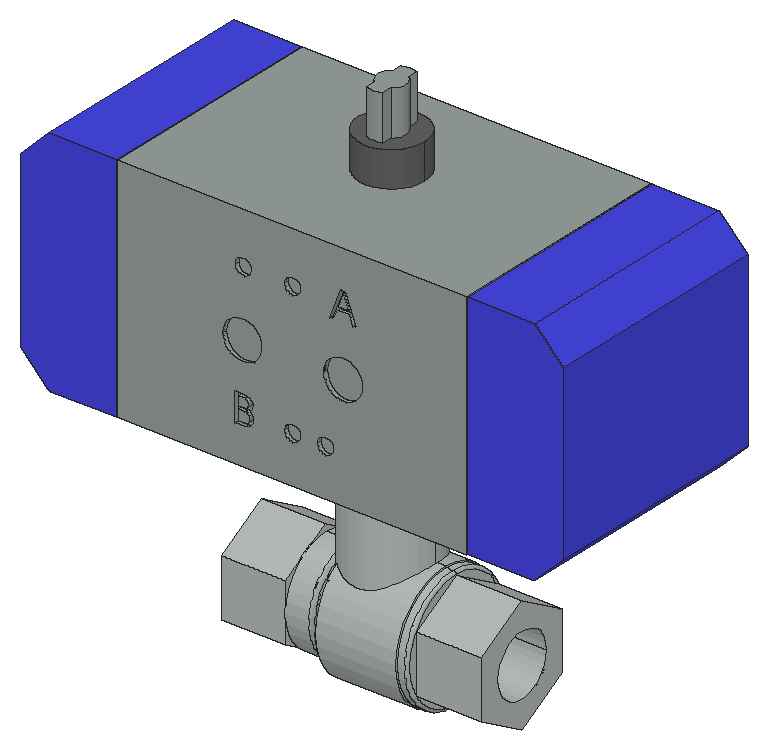
Revit family "QD34850000", category Apparecchi idraulici, Revit 2020
Family settings
  Quota connettore circolare = Usa diametro
  Tipo di parte = Normale
  Numero OmniClass = 23.45.00.00
  Titolo OmniClass = Sanitary, Laundry, and Cleaning Equipment
  Basato su piano di lavoro = No
  Sempre verticale = Sì
  Taglio con vuoti quando caricato = No
  Condiviso = No
  Punto di calcolo locali = No
Parameters
  URL = "https://web.cimberio.it/index.php/figura/1464?subcategoria_id=101"
  Temperatura di esercizio = "-20 ÷ 150°C"
  Prospetto di default = 0 mm
  Produttore = "CIMBERIO SPA"
  Pressione nominale = "PN 32"
  Modello = "Cim 871PDE002"
  Materiale = "Prodotto in lega di ottone conforme alla norma EN 12165-CW617N-DW"
  Descrizione = "Utilizzato nei più svariati settori dell'impiantistica: impianti di riscaldamento, condizionamento, idrici, igienico-sanitari, aria compressa e in generale con ogni fluido non corrosivo.\r\nParticolarmente indicato come valvola di zona per la regolazione e contabilizzazione di impianti di riscaldamento singoli o a zone, impianti con utilizzazione di energie alternative, impianti con fluidi caldi o freddi e impianti di automazione in genere."
  DN Model [instance] = QD34851015 : QD34851015
  DN [instance] = 15 mm
  Commenti sul tipo = "Realizzato in ottemperanza ai requisiti gestionali della norma EN ISO 9001.\r\nCollaudato al 100% secondo la normativa EN 12266-1"
Reference planes
  plane 1 "Centro (Fronte/Retro)": y = 0
  plane 2: z = 0
  plane 3 "Centro (Sinistra/Destra)": x = 0
Dimensions and locks
  aligned and locked: level to plane 2
Nested families
  nested 1: "QD34851015" at (0, 0, 0), type <- "DN Model", type "QD34851015"
  nested 2: "QD34851015" at (0, 0, 0), type <- "DN Model", type "QD34851015"
  nested 3: "QD34851015" at (0, 0, 0), type <- "DN Model", type "QD34851015"
  nested 4: "QD34851015" at (0, 0, 0), type <- "DN Model", type "QD34851015"
Connectors
  piping at (-31.6, 0, 0), diameter 15, driven by "DN"
    settings: on nested 1, index 1, connector inside diameter 609.6 mm, connector length 0 mm, flow factor 0, pipe flow 0.0 L/s, pressure drop 0.0 Pa, fitting loss kfactor 0, connector angle 0.00°, fixture units 0, engagement length 0 mm, angle of deflection 0.00°, flow configuration 0, flow direction 0, fitting loss method 0, system type 7, joint type 0, gender type 0, connector reference index -1, connector utility 0, adjustable connector no, is connector primary yes, connector description ""
  piping at (31.6, 0, 0), diameter 15, driven by "DN"
    settings: on nested 1, index 2, connector inside diameter 609.6 mm, connector length 0 mm, flow factor 0, pipe flow 0.0 L/s, pressure drop 0.0 Pa, fitting loss kfactor 0, connector angle 0.00°, fixture units 0, engagement length 0 mm, angle of deflection 0.00°, flow configuration 0, flow direction 0, fitting loss method 0, system type 7, joint type 0, gender type 0, connector reference index -1, connector utility 0, adjustable connector no, is connector primary no, connector description ""
Definition of nested family "QD34851015"
  Parameters (values of type "QD34851015")
    URL = "https://web.cimberio.it/index.php/figura/394?subcategoria_id="
    Temperatura di esercizio = "-10 ÷ 95°C"
    Default Elevation = 0 mm
    Manufacturer = "CIMBERIO SPA"
    Pressione nominale = "PN 16"
    Model = "Cim 32"
    Materiale = "Prodotto in lega di ottone conforme alla norma EN 12165-CW617N-DW"
    Description = "Impiegato nei più svariati settori dell'impiantistica in condutture anti-ritorno per: reti di distribuzione acqua potabile, impianti di riscaldamento, condizionamento, igienico-sanitari e in generale con ogni fluido non corrosivo."
    DN [instance] = 50 mm
    Type Comments = "Realizzato in ottemperanza ai requisiti gestionali della norma EN ISO 9001.\r\nCollaudato al 100% secondo la normativa EN 12266-1"
  Reference planes
    plane 1 "Centro (Fronte/Retro)": y = 0
    plane 2: z = 0
    plane 3 "Centro (Sinistra/Destra)": x = 0
  Forms (mm)
    Revolve 1, solid
      sketch origin (51.589, 0, -3.5) x (-1, 0, 0) y (0, 0, -1)
        loop
          line (35.989, 4) -> (38.589, 4) -> (38.589, 11.25) -> (36.689, 11.25)
          arc (36.689, 11.25) -> (36.194, 11.045) -> (35.989, 10.55) r 0.7
          line (35.989, 10.55) -> (35.989, 4)
        axis (38.589, -3.5) -> (35.989, -3.5)
      angle from 0 to 360
    Revolve 2, solid
      sketch origin (51.589, 0, -3.5) x (-1, 0, 0) y (0, 0, -1)
        loop
          line (38.589, 4) -> (67.589, 4) -> (67.589, 9) -> (61.832, 9)
          arc (61.832, 9) -> (60.684, 9.228) -> (59.71, 9.879) r 3
          line (59.71, 9.879) -> (58.089, 11.5) -> (38.589, 11.5) -> (38.589, 4)
        axis (67.589, -3.5) -> (38.589, -3.5)
      angle from 0 to 360
    Extrusion 3, solid
      sketch origin (0, 0, 0) x (0, 1, 0) y (0, 0, 1)
        loop
          circle (0, 0) r 7.5
        loop
          line (0, 14) -> (-12.124, 7) -> (-12.124, -7) -> (0, -14) -> (12.124, -7) -> (12.124, 7) -> (0, 14)
      from -31.6 to -16
    Extrusion 4, solid
      sketch origin (0, 0, 0) x (0, 1, 0) y (0, 0, -1)
        loop
          circle (0, 0) r 7.5
        loop
          line (0, -14) -> (12.124, -7) -> (12.124, 7) -> (0, 14) -> (-12.124, 7) -> (-12.124, -7) -> (0, -14)
      from -31.6 to -15.6
    Revolve 5, solid
      sketch origin (51.589, 0, -3.5) x (-1, 0, 0) y (0, 0, -1)
        loop
          line (62.339, -39.814) -> (62.339, -9.295) -> (51.589, -9.295) -> (51.589, -39.814) -> (62.339, -39.814)
        axis (51.589, -39.814) -> (51.589, -9.295)
      angle from 0 to 360
    Extrusion 6, solid
      sketch origin (0, 0, 107.539) x (1, 0, 0) y (0, 1, 0)
        loop
          line (-42.728, 26) -> (-42.728, -30) -> (42.272, -30) -> (42.272, 26) -> (-42.728, 26)
      from -66.539 to -10.539
    Extrusion 7, solid
      sketch origin (0, 0, 0) x (1, 0, 0) y (0, 0, 1)
        loop
          line (-19.447, 41) -> (-19.447, 34.337)
          spline (-19.447, 34.337) -> (-19.438, 34.206) -> (-19.413, 34.078) -> (-19.371, 33.954) -> (-19.313, 33.837) -> (-19.24, 33.728) -> (-19.154, 33.63) -> (-19.056, 33.543) -> (-18.947, 33.471) -> (-18.83, 33.413) -> (-18.706, 33.371) -> (-18.578, 33.345) -> (-18.447, 33.337)
          line (-18.447, 33.337) -> (-15.923, 33.337) -> (16.973, 33.337) -> (18.447, 33.337)
          spline (18.447, 33.337) -> (18.578, 33.345) -> (18.706, 33.371) -> (18.83, 33.413) -> (18.947, 33.471) -> (19.056, 33.543) -> (19.154, 33.63) -> (19.24, 33.728) -> (19.313, 33.837) -> (19.371, 33.954) -> (19.413, 34.078) -> (19.438, 34.206) -> (19.447, 34.337)
          line (19.447, 34.337) -> (19.447, 41) -> (-19.447, 41)
      from 12 to -12
    Extrusion 8, void
      sketch origin (35.5, -24.5, 112.539) x (1, 0, 0) y (0, 0, -1)
        loop
          line (-49.62, 62.638) -> (-49.62, 55.638) -> (-46.999, 55.638)
          arc (-46.999, 55.638) -> (-45.223, 56.862) -> (-45.734, 58.958) r 1.901
          arc (-45.734, 58.958) -> (-45.048, 61.248) -> (-46.992, 62.638) r 2.055
          line (-46.992, 62.638) -> (-49.62, 62.638)
        loop
          line (-48.633, 59.407) -> (-47.09, 59.407)
          arc (-47.09, 59.407) -> (-45.879, 60.619) -> (-47.09, 61.83) r 1.212
          line (-47.09, 61.83) -> (-48.633, 61.83) -> (-48.633, 59.407)
        loop
          line (-48.633, 56.445) -> (-47.299, 56.445)
          arc (-47.299, 56.445) -> (-46.222, 57.522) -> (-47.299, 58.599) r 1.077
          line (-47.299, 58.599) -> (-48.633, 58.599) -> (-48.633, 56.445)
        loop
          line (-23.79, 24.669) -> (-22.677, 24.669) -> (-19.897, 31.669) -> (-20.945, 31.669) -> (-21.741, 29.515) -> (-24.725, 29.515) -> (-25.522, 31.669) -> (-26.569, 31.669) -> (-23.79, 24.669)
        loop
          line (-22.039, 28.707) -> (-24.428, 28.707) -> (-23.233, 25.476) -> (-22.039, 28.707)
        loop
          circle (-47.5, 28.039) r 2
        loop
          circle (-35.5, 28.039) r 2
        loop
          circle (-47.75, 44.039) r 4.75
        loop
          circle (-23.25, 44.039) r 4.75
        loop
          circle (-35.5, 60.039) r 2
        loop
          circle (-27.5, 60.039) r 2
      from -4.5 to -6.702
    Extrusion 9, solid
      sketch origin (0, 0, 86) x (1, 0, 0) y (0, 1, 0)
        loop
          circle (0, 0) r 8
      from 11 to 19.5
    Extrusion 10, solid
      sketch origin (0, 0, 86) x (0, -1, 0) y (1, 0, 0)
        loop
          line (-2.687, 2) -> (-5.123, 2)
          arc (-5.123, 2) -> (-5.5, 0) -> (-5.123, -2) r 5.5
          line (-5.123, -2) -> (-2.687, -2)
          arc (-2.687, -2) -> (0, -3.35) -> (2.687, -2) r 3.35
          line (2.687, -2) -> (5.123, -2)
          arc (5.123, -2) -> (5.5, 0) -> (5.123, 2) r 5.5
          line (5.123, 2) -> (2.687, 2)
          arc (2.687, 2) -> (0, 3.35) -> (-2.687, 2) r 3.35
      from 30.35 to 19.5
    Extrusion 11, void
      sketch origin (-35.5, 24.5, 112.539) x (-1, 0, 0) y (0, 0, -1)
        loop
          line (-49.62, 62.638) -> (-49.62, 55.638) -> (-46.999, 55.638)
          arc (-46.999, 55.638) -> (-45.223, 56.862) -> (-45.734, 58.958) r 1.901
          arc (-45.734, 58.958) -> (-45.048, 61.248) -> (-46.992, 62.638) r 2.055
          line (-46.992, 62.638) -> (-49.62, 62.638)
        loop
          line (-48.633, 59.407) -> (-47.09, 59.407)
          arc (-47.09, 59.407) -> (-45.879, 60.619) -> (-47.09, 61.83) r 1.212
          line (-47.09, 61.83) -> (-48.633, 61.83) -> (-48.633, 59.407)
        loop
          line (-48.633, 56.445) -> (-47.299, 56.445)
          arc (-47.299, 56.445) -> (-46.222, 57.522) -> (-47.299, 58.599) r 1.077
          line (-47.299, 58.599) -> (-48.633, 58.599) -> (-48.633, 56.445)
        loop
          line (-23.79, 24.669) -> (-22.677, 24.669) -> (-19.897, 31.669) -> (-20.945, 31.669) -> (-21.741, 29.515) -> (-24.725, 29.515) -> (-25.522, 31.669) -> (-26.569, 31.669) -> (-23.79, 24.669)
        loop
          line (-22.039, 28.707) -> (-24.428, 28.707) -> (-23.233, 25.476) -> (-22.039, 28.707)
        loop
          circle (-47.5, 28.039) r 2
        loop
          circle (-35.5, 28.039) r 2
        loop
          circle (-47.75, 44.039) r 4.75
        loop
          circle (-23.25, 44.039) r 4.75
        loop
          circle (-35.5, 60.039) r 2
        loop
          circle (-27.5, 60.039) r 2
      from -2.638 to -0.611
    Extrusion 12, solid
      sketch origin (35.5, -30, 107.539) x (-1, 0, 0) y (0, 0, -1)
        loop
          line (94.728, 10.539) -> (101.728, 17.539) -> (101.728, 59.539) -> (95.086, 66.181)
          arc (95.086, 66.181) -> (94.689, 66.446) -> (94.221, 66.539) r 1.224
          line (94.221, 66.539) -> (78.228, 66.539) -> (78.228, 10.539) -> (94.728, 10.539)
      from 0 to -56
    Extrusion 13, solid
      sketch origin (-36.125, -30, 107.539) x (1, 0, 0) y (0, 0, 1)
        loop
          line (94.728, -10.539) -> (78.228, -10.539) -> (78.228, -66.539) -> (94.221, -66.539)
          arc (94.221, -66.539) -> (94.689, -66.446) -> (95.086, -66.181) r 1.224
          line (95.086, -66.181) -> (101.897, -59.37) -> (101.897, -17.709) -> (94.728, -10.539)
      from 0 to -56
  Cuts and joins
    Extrusion 8, Extrusion 11 cuts Extrusion 6
  Dimensions and locks
    aligned and locked: level to plane 2
